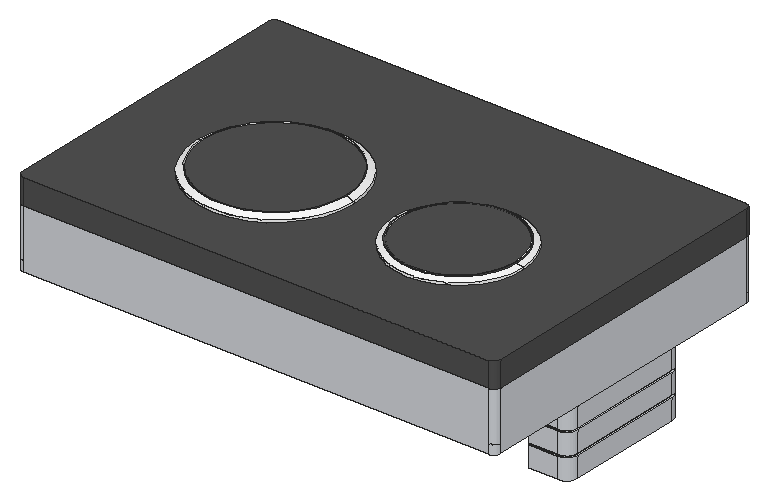
Revit family "Reece_Toilet_Geberit_Omega20_Flush Button", category Plumbing Fixtures, host Face, Revit 2018
Family settings
  Host = Face
  Round Connector Dimension = Use Diameter
  Part Type = Normal
  Cut with Voids When Loaded = No
  Shared = Yes
  Room Calculation Point = Yes
Parameters (values of type "Black_Chrome")
  Waste Connection = no
  WFU = 0  # constant formula
  Vent Connection = no
  URL = "https://www.reece.com.au/product/-1811550"
  Type Comments = "Toilet"
  Reece_Product_Web Page = "https://www.reece.com.au/product/-1811550"
  Reece_Product_Type = "Toilet"  # constant formula
  Reece_Product_Sub Brand = "Omega20"  # constant formula
  Reece_Product_Number = "1811550"
  Reece_Product_Mount = "Wall Mounted"
  Reece_Product_Description = "Geberit Omega 20 Dual Flush Button Black/ Chrome/ Black"
  Reece_Product_Brand = "Geberit"  # constant formula
  Reece_Overall_Width = 212 mm  # constant formula
  Reece_Overall_Height = 142 mm  # constant formula
  Reece_Overall_Depth = 11 mm  # constant formula
  Reece_Material_Secondary = Reece_Brass_Chrome
  Reece_Material_Main = Reece_Plastic_ABS_Matte Black
  Reece_Detail_Type = "Access Plate"  # constant formula
  Reece_Detail_Installation = "Flush Button"  # constant formula
  Reece_Detail_Disclaimer = "THIS FILE IS THE PROPERTY OF THE REECE GROUP. IT MAY NOT BE REPRODUCED, REVERSE-ENGINEERED OR MODIFIED. ANY REPUBLICATION, TRANSMISSION OR DISTRIBUTION FOR THE PURPOSE OF COMMERCIALLY EXPLOITING THE FILES IS PROHIBITED."  # constant formula
  Model = "Omega20"
  Manufacturer = "Geberit"
  Keynote = "Product #1811550, Reece_Toilet_Geberit_Omega20_Flush Button - Black_Chrome"
  HWFU = 0  # constant formula
  HW Connection = no
  Disclaimer = "THIS FILE IS THE PROPERTY OF THE REECE GROUP. IT MAY NOT BE REPRODUCED, REVERSE-ENGINEERED OR MODIFIED. ANY REPUBLICATION, TRANSMISSION OR DISTRIBUTION FOR THE PURPOSE OF COMMERCIALLY EXPLOITING THE FILES IS PROHIBITED."  # constant formula
  Description = "Geberit Omega 20 Dual Flush Button Black/ Chrome/ Black"
  Default Elevation = 1000 mm
  CWFU = 0  # constant formula
  CW Connection = no
Types (4, lengths in mm): name | URL | Reece_Product_Web Page | Reece_Product_Number | Reece_Product_Description | Reece_Material_Secondary | Reece_Material_Main | Keynote | Description
  White_Chrome | "https://www.reece.com.au/product/-1811549" | "https://www.reece.com.au/product/-1811549" | "1811549" | "Geberit Omega 20 Dual Flush Button White/ Chrome/ White" | Reece_Brass_Chrome | Reece_Plastic_ABS_White | "Product #1811549, Reece_Toilet_Geberit_Omega20_Flush Button - White_Chrome" | "Geberit Omega 20 Dual Flush Button White/ Chrome/ White"
  Black_Chrome | "https://www.reece.com.au/product/-1811550" | "https://www.reece.com.au/product/-1811550" | "1811550" | "Geberit Omega 20 Dual Flush Button Black/ Chrome/ Black" | Reece_Brass_Chrome | Reece_Plastic_ABS_Matte Black | "Product #1811550, Reece_Toilet_Geberit_Omega20_Flush Button - Black_Chrome" | "Geberit Omega 20 Dual Flush Button Black/ Chrome/ Black"
  Satin_Chrome | "https://www.reece.com.au/product/-1818261" | "https://www.reece.com.au/product/-1818261" | "1818261" | "Geberit Omega 20 Dual Flush Satin Chrome Buttons with Chrome Bezel and Satin Chrome Back Plate Easy Clean Coating" | Reece_Brass_Chrome | Reece_Plastic_ABS_Chrome_Satin | "Product #1818261, Reece_Toilet_Geberit_Omega20_Flush Button - Satin_Chrome" | "Geberit Omega 20 Dual Flush Satin Chrome Buttons with Chrome Bezel and Satin Chrome Back Plate Easy Clean Coating"
  Chrome_Satin | "https://www.reece.com.au/product/-1811552" | "https://www.reece.com.au/product/-1811552" | "1811552" | "Geberit Omega 20 Dual Flush Button Chrome/ Satin/ Chrome" | Reece_Plastic_ABS_Bright Chrome | Reece_Brass_Chrome | "Product #1811552, Reece_Toilet_Geberit_Omega20_Flush Button - Chrome_Satin" | "Geberit Omega 20 Dual Flush Button Chrome/ Satin/ Chrome"
Reference planes
  plane 1 "Center (Front/Back)": y = 14
  plane 2 "Bottom": z = 0
  plane 3 "Center (Left/Right)": x = 0
  plane 4 "Top": z = 11
  plane 5: x = -106
  plane 6: x = 106
  plane 7: y = 85
  plane 8: y = -57
Forms (mm)
  Extrusion 1, void
    sketch origin (0, 0, 0) x (1, 0, 0) y (0, 1, 0)
      loop
        line (103, 85) -> (-103, 85)
        arc (-103, 85) -> (-105.121, 84.121) -> (-106, 82) r 3
        line (-106, 82) -> (-106, -54)
        arc (-106, -54) -> (-105.121, -56.121) -> (-103, -57) r 3
        line (-103, -57) -> (103, -57)
        arc (103, -57) -> (105.121, -56.121) -> (106, -54) r 3
        line (106, -54) -> (106, 82)
        arc (106, 82) -> (105.121, 84.121) -> (103, 85) r 3
    from -59.213 to 0
  Extrusion 2, solid
    sketch origin (0, 0, 0) x (1, 0, 0) y (0, 1, 0)
      loop
        circle (-37, 14) r 10
      loop
        circle (44, 14) r 10
      loop
        circle (-37, 14) r 11
      loop
        circle (44, 14) r 11
    from -36.233 to -15.457
  Revolve 3, solid
    sketch origin (81, 14, 0) x (1, 0, 0) y (0, 0, 1)
      loop
        arc (-37, -8.31) -> (-43.806, -11.973) -> (-46.521, -19.21) r 11
        line (-46.521, -19.21) -> (-46.521, -21.951) -> (-44.021, -21.951) -> (-44.021, -42.529) -> (-37, -42.529) -> (-37, -8.31)
      axis (-37, -8.31) -> (-37, -42.529)
    angle from 0 to 360
  Extrusion 4, solid
    sketch origin (0, 0, 0) x (1, 0, 0) y (0, 1, 0)
      loop
        line (103, 85) -> (-103, 85)
        arc (-103, 85) -> (-105.121, 84.121) -> (-106, 82) r 3
        line (-106, 82) -> (-106, -54)
        arc (-106, -54) -> (-105.121, -56.121) -> (-103, -57) r 3
        line (-103, -57) -> (103, -57)
        arc (103, -57) -> (105.121, -56.121) -> (106, -54) r 3
        line (106, -54) -> (106, 82)
        arc (106, 82) -> (105.121, 84.121) -> (103, 85) r 3
      loop
        line (103, 83) -> (-103, 83)
        arc (-103, 83) -> (-103.707, 82.707) -> (-104, 82) r 1
        line (-104, 82) -> (-104, -54)
        arc (-104, -54) -> (-103.707, -54.707) -> (-103, -55) r 1
        line (-103, -55) -> (103, -55)
        arc (103, -55) -> (103.707, -54.707) -> (104, -54) r 1
        line (104, -54) -> (104, 82)
        arc (104, 82) -> (103.707, 82.707) -> (103, 83) r 1
    from -21.951 to 0
  Extrusion 5, solid
    sketch origin (0, 0, 0) x (1, 0, 0) y (0, 1, 0)
      loop
        line (103, 85) -> (-103, 85)
        arc (-103, 85) -> (-105.121, 84.121) -> (-106, 82) r 3
        line (-106, 82) -> (-106, -54)
        arc (-106, -54) -> (-105.121, -56.121) -> (-103, -57) r 3
        line (-103, -57) -> (103, -57)
        arc (103, -57) -> (105.121, -56.121) -> (106, -54) r 3
        line (106, -54) -> (106, 82)
        arc (106, 82) -> (105.121, 84.121) -> (103, 85) r 3
      loop
        line (73, 77) -> (5, 77) -> (5, 64.1)
        arc (5, 64.1) -> (0, 59.1) -> (-5, 64.1) r 5
        line (-5, 64.1) -> (-5, 77) -> (-73, 77) -> (-73, 62)
        arc (-73, 62) -> (-75.929, 54.929) -> (-83, 52) r 10
        line (-83, 52) -> (-98, 52) -> (-98, -24) -> (-83, -24)
        arc (-83, -24) -> (-75.929, -26.929) -> (-73, -34) r 10
        line (-73, -34) -> (-73, -49) -> (-5, -49) -> (-5, -36.1)
        arc (-5, -36.1) -> (0, -31.1) -> (5, -36.1) r 5
        line (5, -36.1) -> (5, -49) -> (73, -49) -> (73, -34)
        arc (73, -34) -> (75.929, -26.929) -> (83, -24) r 10
        line (83, -24) -> (98, -24) -> (98, 52) -> (83, 52)
        arc (83, 52) -> (75.929, 54.929) -> (73, 62) r 10
        line (73, 62) -> (73, 77)
      loop
        circle (83, -34) r 6.444
      loop
        circle (-83, -34) r 6.444
      loop
        circle (83, 62) r 6.444
      loop
        circle (-83, 62) r 6.444
    from -21.951 to -26.127
  Extrusion 6, solid
    sketch origin (0, 0, 0) x (1, 0, 0) y (0, 1, 0)
      loop
        line (-83, 52) -> (-96, 52)
        arc (-96, 52) -> (-99.536, 50.536) -> (-101, 47) r 5
        line (-101, 47) -> (-101, -5)
        arc (-101, -5) -> (-99.536, -8.536) -> (-96, -10) r 5
        line (-96, -10) -> (-83, -10) -> (-83, -8) -> (-96, -8)
        arc (-96, -8) -> (-98.121, -7.121) -> (-99, -5) r 3
        line (-99, -5) -> (-99, 47)
        arc (-99, 47) -> (-98.121, 49.121) -> (-96, 50) r 3
        line (-96, 50) -> (-83, 50) -> (-83, 52)
      loop
        line (83, 52) -> (83, 50) -> (96, 50)
        arc (96, 50) -> (98.121, 49.121) -> (99, 47) r 3
        line (99, 47) -> (99, -5)
        arc (99, -5) -> (98.121, -7.121) -> (96, -8) r 3
        line (96, -8) -> (83, -8) -> (83, -10) -> (96, -10)
        arc (96, -10) -> (99.536, -8.536) -> (101, -5) r 5
        line (101, -5) -> (101, 47)
        arc (101, 47) -> (99.536, 50.536) -> (96, 52) r 5
        line (96, 52) -> (83, 52)
    from -59.213 to -21.951
  Extrusion 7, void
    sketch origin (0, 0, 30) x (1, 0, 0) y (0, 1, 0)
      loop
        arc (-96, 52) -> (-99.536, 50.536) -> (-101, 47) r 5
        line (-101, 47) -> (-101, -5)
        arc (-101, -5) -> (-99.536, -8.536) -> (-96, -10) r 5
        line (-96, -10) -> (-83, -10) -> (-83, -9) -> (-96, -9)
        arc (-96, -9) -> (-98.828, -7.828) -> (-100, -5) r 4
        line (-100, -5) -> (-100, 47)
        arc (-100, 47) -> (-98.828, 49.828) -> (-96, 51) r 4
        line (-96, 51) -> (-83, 51) -> (-83, 52) -> (-96, 52)
      loop
        line (96, 52) -> (83, 52) -> (83, 51) -> (96, 51)
        arc (96, 51) -> (98.828, 49.828) -> (100, 47) r 4
        line (100, 47) -> (100, -5)
        arc (100, -5) -> (98.828, -7.828) -> (96, -9) r 4
        line (96, -9) -> (83, -9) -> (83, -10) -> (96, -10)
        arc (96, -10) -> (99.536, -8.536) -> (101, -5) r 5
        line (101, -5) -> (101, 47)
        arc (101, 47) -> (99.536, 50.536) -> (96, 52) r 5
    from -80.213 to -79.213
  Extrusion 8, void
    sketch origin (0, 0, 40) x (1, 0, 0) y (0, 1, 0)
      loop
        arc (-96, 52) -> (-99.536, 50.536) -> (-101, 47) r 5
        line (-101, 47) -> (-101, -5)
        arc (-101, -5) -> (-99.536, -8.536) -> (-96, -10) r 5
        line (-96, -10) -> (-83, -10) -> (-83, -9) -> (-96, -9)
        arc (-96, -9) -> (-98.828, -7.828) -> (-100, -5) r 4
        line (-100, -5) -> (-100, 47)
        arc (-100, 47) -> (-98.828, 49.828) -> (-96, 51) r 4
        line (-96, 51) -> (-83, 51) -> (-83, 52) -> (-96, 52)
      loop
        line (96, 52) -> (83, 52) -> (83, 51) -> (96, 51)
        arc (96, 51) -> (98.828, 49.828) -> (100, 47) r 4
        line (100, 47) -> (100, -5)
        arc (100, -5) -> (98.828, -7.828) -> (96, -9) r 4
        line (96, -9) -> (83, -9) -> (83, -10) -> (96, -10)
        arc (96, -10) -> (99.536, -8.536) -> (101, -5) r 5
        line (101, -5) -> (101, 47)
        arc (101, 47) -> (99.536, 50.536) -> (96, 52) r 5
    from -80.213 to -79.213
  Extrusion 9, void
    sketch origin (0, 0, 50) x (1, 0, 0) y (0, 1, 0)
      loop
        arc (-96, 52) -> (-99.536, 50.536) -> (-101, 47) r 5
        line (-101, 47) -> (-101, -5)
        arc (-101, -5) -> (-99.536, -8.536) -> (-96, -10) r 5
        line (-96, -10) -> (-83, -10) -> (-83, -9) -> (-96, -9)
        arc (-96, -9) -> (-98.828, -7.828) -> (-100, -5) r 4
        line (-100, -5) -> (-100, 47)
        arc (-100, 47) -> (-98.828, 49.828) -> (-96, 51) r 4
        line (-96, 51) -> (-83, 51) -> (-83, 52) -> (-96, 52)
      loop
        line (96, 52) -> (83, 52) -> (83, 51) -> (96, 51)
        arc (96, 51) -> (98.828, 49.828) -> (100, 47) r 4
        line (100, 47) -> (100, -5)
        arc (100, -5) -> (98.828, -7.828) -> (96, -9) r 4
        line (96, -9) -> (83, -9) -> (83, -10) -> (96, -10)
        arc (96, -10) -> (99.536, -8.536) -> (101, -5) r 5
        line (101, -5) -> (101, 47)
        arc (101, 47) -> (99.536, 50.536) -> (96, 52) r 5
    from -80.213 to -79.213
  Extrusion 10, solid
    sketch origin (0, 0, 0) x (1, 0, 0) y (0, 1, 0)
      loop
        arc (-103, 85) -> (-105.121, 84.121) -> (-106, 82) r 3
        line (-106, 82) -> (-106, -54)
        arc (-106, -54) -> (-105.121, -56.121) -> (-103, -57) r 3
        line (-103, -57) -> (96, -57) -> (96, -3)
        arc (96, -3) -> (98.929, 4.071) -> (106, 7) r 10
        line (106, 7) -> (106, 82)
        arc (106, 82) -> (105.121, 84.121) -> (103, 85) r 3
        line (103, 85) -> (22, 85)
        arc (22, 85) -> (20.586, 84.414) -> (20, 83) r 2
        line (20, 83) -> (20, 69.036)
        arc (20, 69.036) -> (19.414, 67.621) -> (18, 67.036) r 2
        line (18, 67.036) -> (-16.059, 67.036)
        arc (-16.059, 67.036) -> (-17.473, 67.621) -> (-18.059, 69.036) r 2
        line (-18.059, 69.036) -> (-18.059, 83)
        arc (-18.059, 83) -> (-18.645, 84.414) -> (-20.059, 85) r 2
        line (-20.059, 85) -> (-103, 85)
      loop
        arc (-25, 45) -> (-32.071, 47.929) -> (-35, 55) r 10
        line (-35, 55) -> (-35, 60)
        arc (-35, 60) -> (-37.929, 67.071) -> (-45, 70) r 10
        line (-45, 70) -> (-81, 70)
        arc (-81, 70) -> (-88.071, 67.071) -> (-91, 60) r 10
        line (-91, 60) -> (-91, 7) -> (-104, 7) -> (-104, -54) -> (91, -54) -> (91, 60)
        arc (91, 60) -> (88.071, 67.071) -> (81, 70) r 10
        line (81, 70) -> (45, 70)
        arc (45, 70) -> (37.929, 67.071) -> (35, 60) r 10
        line (35, 60) -> (35, 55)
        arc (35, 55) -> (32.071, 47.929) -> (25, 45) r 10
        line (25, 45) -> (-25, 45)
      loop
        line (-26, -9) -> (-23, -9) -> (-23, 32)
        arc (-23, 32) -> (-24.464, 35.536) -> (-28, 37) r 5
        line (-28, 37) -> (-46.096, 37)
        arc (-46.096, 37) -> (-49.632, 35.536) -> (-51.096, 32) r 5
        line (-51.096, 32) -> (-51.096, -9) -> (-48.096, -9) -> (-48.096, 32)
        arc (-48.096, 32) -> (-47.511, 33.414) -> (-46.096, 34) r 2
        line (-46.096, 34) -> (-28, 34)
        arc (-28, 34) -> (-26.586, 33.414) -> (-26, 32) r 2
        line (-26, 32) -> (-26, -9)
      loop
        line (55.048, -9) -> (58.048, -9) -> (58.048, 32)
        arc (58.048, 32) -> (56.584, 35.536) -> (53.048, 37) r 5
        line (53.048, 37) -> (34.952, 37)
        arc (34.952, 37) -> (31.416, 35.536) -> (29.952, 32) r 5
        line (29.952, 32) -> (29.952, -9) -> (32.952, -9) -> (32.952, 32)
        arc (32.952, 32) -> (33.538, 33.414) -> (34.952, 34) r 2
        line (34.952, 34) -> (53.048, 34)
        arc (53.048, 34) -> (54.462, 33.414) -> (55.048, 32) r 2
        line (55.048, 32) -> (55.048, -9)
    from -21.951 to -15.457
  Revolve 11, solid
    sketch origin (1, 14, 0) x (1, 0, 0) y (0, 0, 1)
      loop
        arc (-37, -8.31) -> (-43.806, -11.973) -> (-46.521, -19.21) r 11
        line (-46.521, -19.21) -> (-46.521, -21.951) -> (-44.021, -21.951) -> (-44.021, -42.529) -> (-37, -42.529) -> (-37, -8.31)
      axis (-37, -8.31) -> (-37, -42.529)
    angle from 0 to 360
  Extrusion 12, void
    sketch origin (0, 0, 0) x (1, 0, 0) y (0, 1, 0)
      loop
        line (103, 85) -> (-103, 85)
        arc (-103, 85) -> (-105.121, 84.121) -> (-106, 82) r 3
        line (-106, 82) -> (-106, -54)
        arc (-106, -54) -> (-105.121, -56.121) -> (-103, -57) r 3
        line (-103, -57) -> (103, -57)
        arc (103, -57) -> (105.121, -56.121) -> (106, -54) r 3
        line (106, -54) -> (106, 82)
        arc (106, 82) -> (105.121, 84.121) -> (103, 85) r 3
    from 0 to -60
Cuts and joins
  joined: Extrusion 4, Extrusion 5, Extrusion 10
  Extrusion 7, Extrusion 8, Extrusion 9 cuts Extrusion 6
Text (mm)
  text "Reece Copyright © 2018, Reece Ltd." at (13.247, -186.779, 0), in view "Ref. Level"
  text "Reece ©" at (44.384, 258.95, 192.345), in view "Reece Preview"
Dimensions and locks
  "Reece_Overall_Depth": plane 4 "Top" to plane 2 "Bottom"
  plane 4 "Top" to plane 2 "Bottom" = 11 mm  (x2)
  "Reece_Overall_Width": plane 5 to plane 6
  "Reece_Overall_Height": plane 8 to plane 7
  aligned and locked: plane 2 "Bottom" to host face
  aligned and locked: level to host face
  aligned and locked: plane 2 "Bottom" to Extrusion 4
  aligned and locked: Extrusion 1 to Extrusion 6
  aligned and locked: Extrusion 10 to Extrusion 2
Automatic sketch dimensions
  host sketch curve to host sketch curve = 380.785 mm
  host sketch curve to host sketch curve = 317.421 mm
  Extrusion 2 sketch curve to Extrusion 2 sketch curve = 0 mm  (x5)
  plane 1 "Center (Front/Back)" to Extrusion 2 sketch curve = 0 mm  (x2)
  Revolve 3 sketch curve to Revolve 3 sketch curve = 2.5 mm
  Revolve 3 sketch curve to level = 42.529 mm
  Revolve 3 sketch curve to Revolve 3 sketch curve = 20.579 mm
  Revolve 3 sketch curve to Revolve 3 sketch curve = 2.741 mm
  Revolve 3 sketch curve to Revolve 3 sketch curve = 7.836 mm
  Revolve 3 sketch curve to Revolve 3 sketch curve = 0 mm  (x2)
  Extrusion 4 sketch curve to Extrusion 4 sketch curve = 0 mm  (x9)
  Extrusion 4 sketch curve to plane 5 = 0 mm
  plane 8 to Extrusion 4 sketch curve = 0 mm
  Extrusion 4 sketch curve to plane 6 = 0 mm
  Extrusion 4 sketch curve to Extrusion 4 sketch curve = 2 mm
  Extrusion 4 sketch curve to plane 5 = 3 mm
  Extrusion 4 sketch curve to Extrusion 4 sketch curve = 1 mm  (x3)
  Extrusion 5 sketch curve to Extrusion 5 sketch curve = 0 mm  (x10)
  Extrusion 5 sketch curve to plane 5 = 0 mm
  plane 8 to Extrusion 5 sketch curve = 0 mm
  plane 7 to Extrusion 5 sketch curve = 0 mm
  Extrusion 5 sketch curve to plane 3 "Center (Left/Right)" = 0 mm  (x2)
  Extrusion 5 sketch curve to plane 6 = 0 mm
  Extrusion 5 sketch curve to plane 5 = 3 mm  (x2)
  Extrusion 5 sketch curve to plane 5 = 8 mm
  Extrusion 5 sketch curve to Extrusion 5 sketch curve = 15 mm  (x4)
  plane 7 to Extrusion 5 sketch curve = 8 mm  (x2)
  Extrusion 5 sketch curve to Extrusion 5 sketch curve = 10 mm  (x4)
  Extrusion 5 sketch curve to plane 8 = 8 mm  (x2)
  Extrusion 5 sketch curve to plane 3 "Center (Left/Right)" = 5 mm
  Extrusion 5 sketch curve to Extrusion 5 sketch curve = 5 mm
  plane 6 to Extrusion 5 sketch curve = 8 mm
  plane 6 to Extrusion 5 sketch curve = 3 mm  (x2)
  Extrusion 5 sketch curve to Extrusion 5 sketch curve = 12.9 mm  (x2)
  Extrusion 5 sketch curve to Extrusion 5 sketch curve = 25 mm
  Extrusion 5 sketch curve to Extrusion 5 sketch curve = 30 mm  (x3)
  Extrusion 6 sketch curve to Extrusion 6 sketch curve = 0 mm  (x8)
  Extrusion 6 sketch curve to plane 5 = 5 mm
  Extrusion 6 sketch curve to Extrusion 6 sketch curve = 2 mm  (x2)
  Extrusion 6 sketch curve to Extrusion 6 sketch curve = 3 mm  (x3)
  Extrusion 6 sketch curve to Extrusion 6 sketch curve = 13 mm  (x2)
  plane 6 to Extrusion 6 sketch curve = 23 mm  (x2)
  plane 6 to Extrusion 6 sketch curve = 10 mm  (x2)
  plane 1 "Center (Front/Back)" to Extrusion 6 sketch curve = 24 mm  (x2)
  plane 7 to Extrusion 6 sketch curve = 38 mm  (x2)
  Extrusion 7 sketch curve to Extrusion 7 sketch curve = 0 mm  (x8)
  Extrusion 7 sketch curve to plane 5 = 5 mm
  Extrusion 7 sketch curve to Extrusion 7 sketch curve = 1 mm  (x2)
  Extrusion 7 sketch curve to Extrusion 7 sketch curve = 4 mm  (x3)
  Extrusion 7 sketch curve to Extrusion 7 sketch curve = 13 mm  (x2)
  plane 6 to Extrusion 7 sketch curve = 23 mm  (x2)
  plane 6 to Extrusion 7 sketch curve = 10 mm  (x2)
  plane 1 "Center (Front/Back)" to Extrusion 7 sketch curve = 24 mm  (x2)
  plane 7 to Extrusion 7 sketch curve = 38 mm  (x2)
  Extrusion 8 sketch curve to Extrusion 8 sketch curve = 0 mm  (x8)
  Extrusion 8 sketch curve to plane 5 = 5 mm
  Extrusion 8 sketch curve to Extrusion 8 sketch curve = 1 mm  (x2)
  Extrusion 8 sketch curve to Extrusion 8 sketch curve = 4 mm  (x3)
  Extrusion 8 sketch curve to Extrusion 8 sketch curve = 13 mm  (x2)
  plane 6 to Extrusion 8 sketch curve = 23 mm  (x2)
  plane 6 to Extrusion 8 sketch curve = 10 mm  (x2)
  plane 1 "Center (Front/Back)" to Extrusion 8 sketch curve = 24 mm  (x2)
  plane 7 to Extrusion 8 sketch curve = 38 mm  (x2)
  Extrusion 9 sketch curve to Extrusion 9 sketch curve = 0 mm  (x8)
  Extrusion 9 sketch curve to plane 5 = 5 mm
  Extrusion 9 sketch curve to Extrusion 9 sketch curve = 1 mm  (x2)
  Extrusion 9 sketch curve to Extrusion 9 sketch curve = 4 mm  (x3)
  Extrusion 9 sketch curve to Extrusion 9 sketch curve = 13 mm  (x2)
  plane 6 to Extrusion 9 sketch curve = 23 mm  (x2)
  plane 6 to Extrusion 9 sketch curve = 10 mm  (x2)
  plane 1 "Center (Front/Back)" to Extrusion 9 sketch curve = 24 mm  (x2)
  plane 7 to Extrusion 9 sketch curve = 38 mm  (x2)
  Revolve 11 sketch curve to Revolve 11 sketch curve = 2.5 mm
  Revolve 11 sketch curve to level = 42.529 mm
  Revolve 11 sketch curve to Revolve 11 sketch curve = 20.579 mm
  Revolve 11 sketch curve to Revolve 11 sketch curve = 2.741 mm
  Revolve 11 sketch curve to Revolve 11 sketch curve = 7.836 mm
  Revolve 11 sketch curve to Revolve 11 sketch curve = 0 mm  (x2)
  Extrusion 10 sketch curve to Extrusion 10 sketch curve = 0 mm  (x11)
  Extrusion 10 sketch curve to plane 5 = 0 mm
  plane 8 to Extrusion 10 sketch curve = 0 mm
  plane 7 to Extrusion 10 sketch curve = 0 mm  (x2)
  Extrusion 10 sketch curve to plane 6 = 0 mm
  Extrusion 10 sketch curve to Extrusion 10 sketch curve = 2 mm  (x7)
  Extrusion 10 sketch curve to plane 5 = 3 mm
  Extrusion 10 sketch curve to Extrusion 10 sketch curve = 3 mm  (x3)
  Extrusion 10 sketch curve to plane 5 = 15 mm
  Extrusion 10 sketch curve to Extrusion 10 sketch curve = 10 mm  (x5)
  plane 7 to Extrusion 10 sketch curve = 2 mm
  plane 3 "Center (Left/Right)" to Extrusion 10 sketch curve = 18 mm
  Extrusion 10 sketch curve to Extrusion 10 sketch curve = 7 mm
  plane 7 to Extrusion 10 sketch curve = 15 mm
  plane 6 to Extrusion 10 sketch curve = 25 mm
  Extrusion 10 sketch curve to plane 8 = 3 mm
  plane 6 to Extrusion 10 sketch curve = 15 mm
  Extrusion 10 sketch curve to Extrusion 10 sketch curve = 5 mm  (x2)
  plane 6 to Extrusion 10 sketch curve = 3 mm
  plane 1 "Center (Front/Back)" to Extrusion 10 sketch curve = 23 mm  (x3)
  plane 1 "Center (Front/Back)" to Extrusion 10 sketch curve = 17 mm
  plane 1 "Center (Front/Back)" to Extrusion 10 sketch curve = 7 mm
  Extrusion 10 sketch curve to plane 1 "Center (Front/Back)" = 18 mm  (x3)
  Extrusion 10 sketch curve to Extrusion 10 sketch curve = 15 mm
  Extrusion 10 sketch curve to Extrusion 10 sketch curve = 12.036 mm
  Extrusion 2 sketch curve to plane 3 "Center (Left/Right)" = 37 mm
  Extrusion 10 sketch curve to Extrusion 10 sketch curve = 39.904 mm
  Extrusion 10 sketch curve to Extrusion 10 sketch curve = 36 mm
  Extrusion 10 sketch curve to Extrusion 10 sketch curve = 18.096 mm  (x2)
  Extrusion 10 sketch curve to plane 3 "Center (Left/Right)" = 20.059 mm
  Revolve 11 sketch curve to plane 3 "Center (Left/Right)" = 45.521 mm
  Revolve 11 sketch curve to Revolve 11 sketch curve = 7.021 mm
  Revolve 11 sketch curve to Revolve 11 sketch curve = 8.5 mm
  plane 3 "Center (Left/Right)" to Extrusion 2 sketch curve = 44 mm
  plane 3 "Center (Left/Right)" to Revolve 3 sketch curve = 34.479 mm
  Revolve 3 sketch curve to Revolve 3 sketch curve = 7.021 mm
  Revolve 3 sketch curve to Revolve 3 sketch curve = 8.5 mm
  plane 3 "Center (Left/Right)" to Extrusion 10 sketch curve = 29.952 mm
  Extrusion 1 sketch curve to plane 5 = 0 mm
  plane 8 to Extrusion 1 sketch curve = 0 mm
  plane 7 to Extrusion 1 sketch curve = 0 mm
  Extrusion 1 sketch curve to plane 6 = 0 mm
  Extrusion 1 sketch curve to plane 5 = 3 mm  (x2)
  plane 6 to Extrusion 1 sketch curve = 3 mm  (x2)
  plane 7 to Extrusion 4 sketch curve = 0 mm
  Extrusion 12 sketch curve to plane 5 = 0 mm
  plane 8 to Extrusion 12 sketch curve = 0 mm
  plane 7 to Extrusion 12 sketch curve = 0 mm
  Extrusion 12 sketch curve to plane 6 = 0 mm
  Extrusion 12 sketch curve to plane 5 = 3 mm  (x2)
  plane 6 to Extrusion 12 sketch curve = 3 mm  (x2)
  radius of Extrusion 2 sketch curve = 10 mm  (x2)
  radius of Extrusion 2 sketch curve = 11 mm  (x2)
  radius of Extrusion 5 sketch curve = 6.444 mm  (x4)
Nested families
  nested 1: "Reece_Toilet_Geberit_Omega20_Flush Button_Nested" at (0, 14, 0), Reece_Material_Main <- "Reece_Material_Main", Reece_Material_Secondary <- "Reece_Material_Secondary", type "Reece_Toilet_Geberit_Omega20_Flush Button_Nested"
    with Reece_Material_Secondary Reece_Brass_Chrome, Reece_Material_Main Reece_Plastic_ABS_Matte Black
Definition of nested family "Reece_Toilet_Geberit_Omega20_Flush Button_Nested"
  Parameters (values of type "Reece_Toilet_Geberit_Omega20_Flush Button_Nested")
    Waste Connection = no
    WFU = 0  # constant formula
    Vent Connection = no
    Reece_Material_Secondary [instance] = none
    Reece_Material_Main [instance] = none
    HWFU = 0  # constant formula
    HW Connection = no
    Default Elevation = 1000 mm
    CWFU = 0  # constant formula
    CW Connection = no
  Reference planes
    plane 1 "Center (Front/Back)": y = -14
    plane 2 "Bottom": z = 0
    plane 3 "Center (Left/Right)": x = 0
    plane 4 "Top": z = 11
    plane 5: x = -37
    plane 6: x = 44
    plane 7: z = 13.5
  Forms (mm)
    Extrusion 1, solid
      sketch origin (619.2, -619.2, 0) x (1, 0, 0) y (0, 1, 0)
        loop
          line (-809.2, 779.2) -> (-809.2, 461.779) -> (-428.415, 461.779) -> (-428.415, 779.2) -> (-809.2, 779.2)
      from 0 to -9.564
    Extrusion 2, solid, material <- "Reece_Material_Main"
      sketch origin (0, 0, 0) x (1, 0, 0) y (0, 1, 0)
        loop
          arc (106, 68) -> (105.121, 70.121) -> (103, 71) r 3
          line (103, 71) -> (-103, 71)
          arc (-103, 71) -> (-105.121, 70.121) -> (-106, 68) r 3
          line (-106, 68) -> (-106, -68)
          arc (-106, -68) -> (-105.121, -70.121) -> (-103, -71) r 3
          line (-103, -71) -> (103, -71)
          arc (103, -71) -> (105.121, -70.121) -> (106, -68) r 3
          line (106, -68) -> (106, 68)
      from 0 to 11
    Extrusion 3, solid, material <- "Reece_Material_Main"
      sketch origin (0, 0, 0) x (1, 0, 0) y (0, 1, 0)
        loop
          circle (-37, -14) r 31.5
        loop
          circle (44, -14) r 26
      from -8.31 to 13.5
    Extrusion 4, void
      sketch origin (0, 0, 0) x (1, 0, 0) y (0, 1, 0)
        loop
          circle (-37, -14) r 33
        loop
          circle (44, -14) r 27
      from 0 to 11.173
    Sweep 5, solid, material <- "Reece_Material_Secondary"
      path origin (-210.95, -4572, 11) x (-1, 0, 0) y (0, -1, 0)
        loop
          circle (-173.95, -4558) r 33
      profile origin (-37, -47, 11) x (0, 1, 0) y (0, 0, 1)
        loop
          line (0.976, 1.25) -> (0.976, 2.5) -> (-1.721, 1.021) -> (-1.721, 0) -> (1.976, 0) -> (1.976, 1.25) -> (0.976, 1.25)
    Sweep 6, solid, material <- "Reece_Material_Secondary"
      path origin (-210.95, -4572, 11) x (-1, 0, 0) y (0, -1, 0)
        loop
          circle (-254.95, -4558) r 25.5
      profile origin (44, -39.5, 11) x (0, 1, 0) y (0, 0, 1)
        loop
          line (0, 1.021) -> (0, 2.5) -> (-3, 1.021) -> (-3, 0) -> (1, 0) -> (1, 1.021) -> (0, 1.021)
  Cuts and joins
    Extrusion 4 cuts Extrusion 2
  Text (mm)
    text "Reece Copyright © 2018, Reece Ltd." at (13.247, -186.779, 0), in view "Ref. Level"
    text "Reece ©" at (44.384, 258.95, 192.345), in view "Reece Preview"
  Dimensions and locks
    plane 2 "Bottom" to plane 4 "Top" = 11 mm
    plane 4 "Top" to plane 2 "Bottom" = 11 mm  (x2)
    aligned and locked: plane 2 "Bottom" to Extrusion 1
    aligned and locked: level to Extrusion 1
    aligned and locked: Extrusion 4 to plane 2 "Bottom"
    aligned and locked: plane 7 to Extrusion 3
